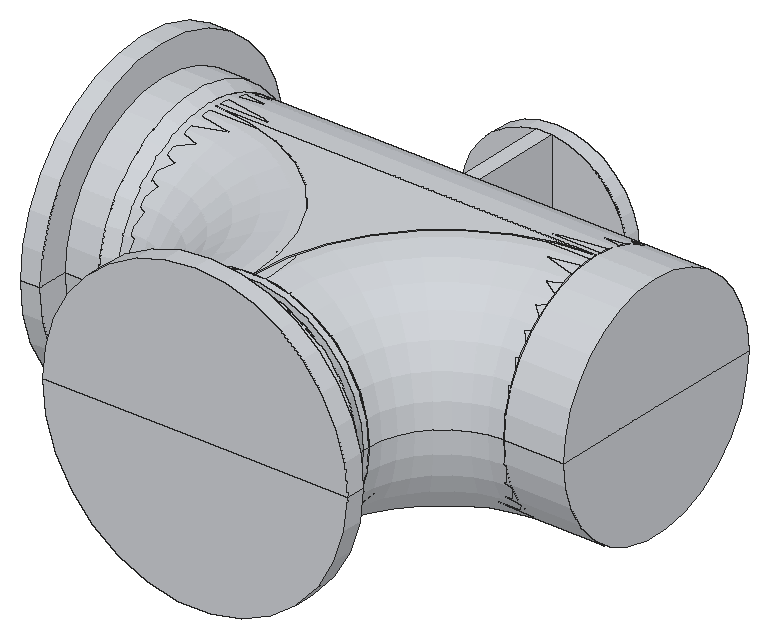
Revit family "a8bff5837b844555ab23c85b39cc0f0f", category Pipe Fittings, Revit 2021
Family settings
  Round Connector Dimension = Use Radius
  Part Type = Tee
  OmniClass Number = 23.60.30.11.14
  OmniClass Title = Pipework Fittings
  Seek Item ID = Tee - PVC - Sch 40-0000-USA-ENU
  Work Plane-Based = No
  Always vertical = Yes
  Cut with Voids When Loaded = No
  Shared = No
Parameters (values of type "Standard")
  Tick Size [instance] = Fitting Outside Diameter * 0.4  # 6.1200"
  Socket Outside Radius [instance] = Socket Outside Diameter / 2  # 8.0950"
  Socket Outside Diameter [instance] = size_lookup(Lookup Table Name, "SOD", 1.08 * Nominal Diameter + 1.1300", Nominal Diameter)  # 16.1900"
  Socket Depth [instance] = if(Nominal Diameter < 14.0000", 2.5000", if(Nominal Diameter < 30.0000", 3.5000", 4.0000"))  # 3.5000"
  Round Base Radius [instance] = Round Base Diameter / 2  # 5.5000"
  Round Base Diameter [instance] = size_lookup(Lookup Table Name, "RBD", 0.43 * Nominal Diameter + 4.7200", Nominal Diameter)  # 11.0000"
  Rib Thickness [instance] = size_lookup(Lookup Table Name, "RThk", 0.03 * Nominal Diameter + 0.4900", Nominal Diameter)  # 1.0000"
  Lookup Table Name = "Base Tee - MJ x PE - GI - Class 150"
  Length 1 [instance] = if(Fitting Outside Radius > Round Base Radius, Round Base Radius, Fitting Outside Radius)  # 5.5000"
  Fitting Outside Radius [instance] = Fitting Outside Diameter / 2  # 7.6500"
  Fitting Outside Diameter [instance] = size_lookup(Lookup Table Name, "FOD", 1.04 * Nominal Diameter + 0.7000", Nominal Diameter)  # 15.3000"
  Nominal Radius [instance] = 7.0000"
  Nominal Diameter [instance] = Nominal Radius * 2  # 14.0000"
  Loss Method = K Coefficient from Table
  K Coefficient Table = "Tee"
  Default Elevation = 0.0000"
  Bevel Length [instance] = size_lookup(Lookup Table Name, "BvLgt", 0.04 * Nominal Diameter + 0.4300", Nominal Diameter)  # 0.8900"
  Center to Socket Bottom 2 Label [instance] = if(Center Radius > Center to Socket Bottom 2, Center Radius + 7.0000", Center to Socket Bottom 2)  # 16.6200"
  Center to Socket Bottom 2 [instance] = size_lookup(Lookup Table Name, "CtSB2", 8.2600" + 0.6 * Nominal Diameter, Nominal Diameter)  # 16.6200"
  Center to Socket Bottom 1 [instance] = size_lookup(Lookup Table Name, "CtSB1", 3.4700" + 0.73 * Nominal Diameter, Nominal Diameter)  # 14.0000"
  Center to Face [instance] = size_lookup(Lookup Table Name, "CtF", 0.65 * Nominal Diameter + 3.1200", Nominal Diameter)  # 12.5000"
  Center Radius Label [instance] = if(Center to Socket Bottom 1 - Center Radius - Bevel Length < 0.5000", Center to Socket Bottom 1 - Bevel Length - 0.5000", Center Radius)  # 12.6100"
  Center Radius [instance] = size_lookup(Lookup Table Name, "CRad", 2.9800" + 0.7 * Nominal Diameter, Nominal Diameter)  # 13.1100"
  Base Thickness [instance] = size_lookup(Lookup Table Name, "BThk", 0.03 * Nominal Diameter + 0.4900", Nominal Diameter)  # 1.0000"
  Gland Width [instance] = size_lookup(Lookup Table Name, "GWid", 0.03 * Nominal Diameter + 0.9400", Nominal Diameter)  # 1.3100"
  Gland Outside Radius [instance] = Gland Outside Diameter / 2  # 10.1250"
  Gland Outside Diameter [instance] = size_lookup(Lookup Table Name, "GOD", 1.16 * Nominal Diameter + 4.0300", Nominal Diameter)  # 20.2500"
  Angle [instance] = 90.00°  # constant formula
Reference planes (in)
  plane 1 "Center (Front/Back)": y = 0
  plane 2: z = 0
  plane 3 "Center (Left/Right)": x = 0
  plane 4: y = -14
  plane 5: y = 10.125
  plane 6: y = 8.095
  plane 7: y = 7.65
  plane 8: x = -17.5
  plane 9: x = -16.19
  plane 10: x = -13.11
  plane 11: x = -14
  plane 12: x = 16.62
  plane 13: x = -7.65
  plane 14: x = -8.095
  plane 15: x = -10.125
  plane 16: y = -13.11
  plane 17: y = -17.5
  plane 18: y = -16.19
  plane 19: y = -12.61
  plane 20: x = -12.61
  plane 21: x = 12.61
  plane 22: z = 7.65
  plane 23: z = -7.65
  plane 24: y = 6.12
  plane 25: y = -6.12
  plane 26: x = -6.12
  plane 27: x = 6.12
  plane 28: y = 12.5
  plane 29: y = 11.5
  plane 30: x = -0.5
  plane 31: x = 0.5
  plane 32: z = 0.5
  plane 33: z = -0.5
Forms (in)
  Revolve 1, solid, detail levels fine
    sketch origin (0, 0, 0) x (1, 0, 0) y (0, 1, 0)
      loop
        line (-17.5, 0) -> (16.62, 0) -> (16.62, 7.65) -> (-13.11, 7.65) -> (-14, 8.095) -> (-16.19, 8.095) -> (-16.19, 10.125) -> (-17.5, 10.125) -> (-17.5, 0)
      axis (-17.5, 0) -> (16.62, 0)
    angle from 0 to 360
  Sweep 2, solid, detail levels fine
    path origin (0, 0, 0) x (1, 0, 0) y (0, 1, 0)
      loop
        arc (-12.61, 0) -> (-3.69338, -3.69338) -> (0, -12.61) r 12.61
    profile origin (0, -12.61, 0) x (1, 0, 0) y (0, 0, 1)
      loop
        circle (0, 0) r 7.65
  Sweep 3, solid, detail levels fine
    path origin (0, 0, 0) x (-1, 0, 0) y (0, 1, 0)
      loop
        arc (-12.61, 0) -> (-3.69338, -3.69338) -> (0, -12.61) r 12.61
    profile origin (0, -12.61, 0) x (1, 0, 0) y (0, 0, 1)
      loop
        circle (0, 0) r 7.65
  Revolve 4, solid, detail levels fine
    sketch origin (0, 0, 0) x (1, 0, 0) y (0, 1, 0)
      loop
        line (0, -13.11) -> (-7.65, -13.11) -> (-8.095, -14) -> (-8.095, -16.19) -> (-10.125, -16.19) -> (-10.125, -17.5) -> (0, -17.5) -> (0, -13.11)
      loop
        line (0, 11.5) -> (0, 12.5) -> (-5.5, 12.5) -> (-5.5, 11.5) -> (0, 11.5)
      axis (0, 12.5) -> (0, -17.5)
    angle from 0 to 360
  Extrusion 5, solid, detail levels fine
    sketch origin (0, 0, 0) x (1, 0, 0) y (0, 1, 0)
      loop
        arc (-12.61, 0) -> (-3.69338, -3.69338) -> (0, -12.61) r 12.61
        arc (0, -12.61) -> (3.69338, -3.69338) -> (12.61, 0) r 12.61
        line (12.61, 0) -> (-12.61, 0)
    from -7.65 to 7.65
  Extrusion 6, solid, detail levels fine
    sketch origin (0, 0, 0) x (1, 0, 0) y (0, 1, 0)
      loop
        line (-5.5, 11.5) -> (-5.5, 0) -> (5.5, 0) -> (5.5, 11.5) -> (-5.5, 11.5)
    from -0.5 to 0.5
  Extrusion 7, solid, detail levels fine
    sketch origin (0, 0, 0) x (0, 1, 0) y (0, 0, 1)
      loop
        line (11.5, 5.5) -> (0, 5.5) -> (0, -5.5) -> (11.5, -5.5) -> (11.5, 5.5)
    from -0.5 to 0.5
  Extrusion 8, solid, detail levels fine
    sketch origin (0, 0, 0) x (1, 0, 0) y (0, 0, 1)
      loop
        circle (0, 0) r 7.65
    from 12.61 to 14
Cuts and joins
  joined: Revolve 1, Revolve 4, Extrusion 6, Extrusion 7, Extrusion 8
Lines and regions (in)
  model lines, detail levels coarse+medium
    curve 1: line (-17.5, 6.12, 0) -> (-17.5, -6.12, 0)
    curve 2: line (16.62, 6.12, 0) -> (16.62, -6.12, 0)
    curve 3: line (-6.12, -17.5, 0) -> (6.12, -17.5, 0)
    curve 6: line (-0.5, 0, 0) -> (-0.5, 12.5, 0)
    curve 7: line (0.5, 0, 0) -> (0.5, 12.5, 0)
  model lines, style "PipeFitting", detail levels coarse+medium
    curve 4: line (-17.5, 0, 0) -> (16.62, 0, 0)
    curve 5: line (0, 0, 0) -> (0, -17.5, 0)
Dimensions and locks (in)
  "Center to Socket Bottom 1": plane 4 to plane 1 "Center (Front/Back)"
  "Fitting Outside Radius": plane 7 to plane 1 "Center (Front/Back)"
  "Socket Outside Radius": plane 6 to plane 1 "Center (Front/Back)"
  "Gland Outside Radius": plane 5 to plane 1 "Center (Front/Back)"
  "Gland Width": plane 8 to plane 9
  "Socket Depth": plane 8 to plane 11
  "Bevel Length": plane 11 to plane 10
  "Center to Socket Bottom 1": plane 11 to plane 3 "Center (Left/Right)"
  "Fitting Outside Radius": plane 13 to plane 3 "Center (Left/Right)"
  "Socket Outside Radius": plane 14 to plane 3 "Center (Left/Right)"
  "Gland Outside Radius": plane 15 to plane 3 "Center (Left/Right)"
  "Bevel Length": plane 16 to plane 4
  "Gland Width": plane 18 to plane 17
  "Socket Depth": plane 4 to plane 17
  "Center Radius Label": plane 1 "Center (Front/Back)" to plane 19
  "Center Radius Label": plane 20 to plane 3 "Center (Left/Right)"
  "Center Radius Label": plane 3 "Center (Left/Right)" to plane 21
  "Fitting Outside Radius": plane 22 to plane 2
  "Fitting Outside Radius": plane 23 to level
  "Tick Size": plane 1 "Center (Front/Back)" to plane 25
  "Tick Size": plane 24 to plane 1 "Center (Front/Back)"
  "Tick Size": plane 3 "Center (Left/Right)" to plane 27
  "Tick Size": plane 26 to plane 3 "Center (Left/Right)"
  "Center to Socket Bottom 2 Label": plane 3 "Center (Left/Right)" to plane 12
  "Base Thickness": plane 28 to plane 29
  "Center to Face": plane 28 to plane 1 "Center (Front/Back)"
  "Round Base Radius": Revolve 4 sketch curve to Revolve 4 sketch curve
  "Round Base Radius": plane 3 "Center (Left/Right)" to Extrusion 6 sketch curve
  "Round Base Radius": Extrusion 6 sketch curve to plane 3 "Center (Left/Right)"
  "Length 1": plane 3 "Center (Left/Right)" to Extrusion 6 sketch curve
  "Length 1": Extrusion 6 sketch curve to plane 3 "Center (Left/Right)"
  equal spacing: plane 30, plane 3 "Center (Left/Right)", plane 31
  "Rib Thickness": plane 30 to plane 31
  equal spacing: plane 33, plane 2, plane 32
  "Rib Thickness": plane 32 to plane 33
  "Round Base Radius": Extrusion 7 sketch curve to plane 2
  "Round Base Radius": plane 2 to Extrusion 7 sketch curve
  "Length 1": Extrusion 7 sketch curve to plane 2
  "Length 1": plane 2 to Extrusion 7 sketch curve
  "Center Radius Label": radius of Sweep 2 sketch curve
  "Fitting Outside Radius": radius of Sweep 2 sketch curve
  "Center Radius Label": radius of Sweep 3 sketch curve
  "Fitting Outside Radius": radius of Sweep 3 sketch curve
  "Center Radius Label": radius of Extrusion 5 sketch curve  (x2)
  "Fitting Outside Radius": radius of Extrusion 8 sketch curve
  aligned and locked: plane 1 "Center (Front/Back)" to Revolve 1 sketch curve
  aligned and locked: plane 8 to Revolve 1 sketch curve
  aligned and locked: Revolve 1 sketch curve to plane 5
  aligned and locked: Revolve 1 sketch curve to plane 7
  aligned and locked: Revolve 1 sketch curve to plane 6
  aligned and locked: plane 12 to Revolve 1 sketch curve
  aligned and locked: Revolve 1 sketch curve to plane 9
  aligned and locked: Revolve 1 sketch curve to Revolve 1 sketch curve
  aligned and locked: plane 11 to Revolve 1 sketch curve
  aligned and locked: plane 10 to Revolve 1 sketch curve
  aligned and locked: plane 19 to Sweep 2 sketch curve
  aligned and locked: plane 20 to Sweep 2 sketch curve
  aligned and locked: Revolve 4 sketch curve to plane 3 "Center (Left/Right)"
  aligned and locked: plane 21 to Sweep 3 sketch curve
  aligned and locked: plane 19 to Sweep 3 sketch curve
  aligned and locked: plane 20 to Extrusion 5 sketch curve  (x2)
  aligned and locked: plane 19 to Extrusion 5 sketch curve  (x3)
  aligned and locked: plane 21 to Extrusion 5 sketch curve  (x3)
  aligned and locked: plane 1 "Center (Front/Back)" to Extrusion 5 sketch curve  (x2)
  aligned and locked: plane 23 to Extrusion 5
  aligned and locked: plane 22 to Extrusion 5
  aligned and locked: plane 27 to curve 3
  aligned and locked: plane 26 to curve 3
  aligned and locked: curve 3 to plane 17
  aligned and locked: plane 25 to curve 2
  aligned and locked: plane 24 to curve 2
  aligned and locked: plane 12 to curve 2
  aligned and locked: plane 25 to curve 1
  aligned and locked: plane 24 to curve 1
  aligned and locked: curve 1 to plane 8
  aligned and locked: curve 5 to plane 3 "Center (Left/Right)"
  aligned and locked: plane 8 to curve 4
  aligned and locked: plane 12 to curve 4
  aligned and locked: plane 17 to curve 5
  aligned and locked: plane 1 "Center (Front/Back)" to curve 5
  aligned and locked: plane 16 to Revolve 4 sketch curve
  aligned and locked: plane 13 to Revolve 4 sketch curve
  aligned and locked: plane 4 to Revolve 4 sketch curve
  aligned and locked: Revolve 4 sketch curve to plane 14
  aligned and locked: Revolve 4 sketch curve to plane 15
  aligned and locked: plane 18 to Revolve 4 sketch curve
  aligned and locked: Revolve 4 sketch curve to plane 17
  aligned and locked: plane 3 "Center (Left/Right)" to Revolve 4 sketch curve
  aligned and locked: Revolve 4 sketch curve to Revolve 4 sketch curve
  aligned and locked: Revolve 4 sketch curve to plane 29
  aligned and locked: plane 28 to Revolve 4 sketch curve
  aligned and locked: Extrusion 6 sketch curve to plane 29
  aligned and locked: Extrusion 6 sketch curve to plane 1 "Center (Front/Back)"
  aligned and locked: plane 33 to Extrusion 6
  aligned and locked: plane 32 to Extrusion 6
  aligned and locked: Extrusion 7 sketch curve to plane 29
  aligned and locked: Extrusion 7 sketch curve to plane 1 "Center (Front/Back)"
  aligned and locked: Extrusion 7 to plane 30
  aligned and locked: Extrusion 7 to plane 31
  aligned and locked: plane 28 to curve 6
  aligned and locked: plane 1 "Center (Front/Back)" to curve 6
  aligned and locked: plane 28 to curve 7
  aligned and locked: curve 7 to plane 31
  aligned and locked: plane 30 to curve 6
  aligned and locked: plane 3 "Center (Left/Right)" to Extrusion 8 sketch curve
  aligned and locked: plane 2 to Extrusion 8 sketch curve
  aligned and locked: plane 19 to Extrusion 8
  aligned and locked: Extrusion 8 to plane 4
Automatic sketch dimensions
  Revolve 1 sketch curve to plane 8 = 1.01143"
  Revolve 1 sketch curve to plane 12 = 1.76143"
  Sweep 2 sketch curve to level = 0.0000"
  profile plane to Sweep 2 sketch curve = 0.0000"
  Sweep 3 sketch curve to level = 0.0000"
  profile plane to Sweep 3 sketch curve = 0.0000"
  Extrusion 5 sketch curve to plane 20 = 0.0000"
  Revolve 4 sketch curve to plane 17 = 5.5000"
  plane 19 to Revolve 4 sketch curve = 1.6000"
Connectors (in)
  piping at (-17.5, 0, 0), diameter 14, driven by "Nominal Radius"
    settings: on Revolve 1, index 1, connector inside diameter 14.0000", connector length 0.0000", flow factor 0, pipe flow 0 GPM, pressure drop 0.00 psi, fitting loss kfactor 0, connector angle 0.00°, fixture units 0, engagement length 0.0000", angle of deflection 0.00°, flow configuration 0, flow direction 0, fitting loss method 0, system type 28, joint type 0, gender type 0, connector reference index 2, connector utility 0, adjustable connector no, is connector primary yes, connector description ""
  piping at (16.62, 0, 0), diameter 14, driven by "Nominal Radius"
    settings: on cut or joined group of Revolve 1, Revolve 4, Extrusion 6, Extrusion 7, Extrusion 8, index 2, connector inside diameter 14.0000", connector length 0.0000", flow factor 0, pipe flow 0 GPM, pressure drop 0.00 psi, fitting loss kfactor 0, connector angle 0.00°, fixture units 0, engagement length 0.0000", angle of deflection 0.00°, flow configuration 0, flow direction 0, fitting loss method 0, system type 28, joint type 0, gender type 0, connector reference index 1, connector utility 0, adjustable connector no, is connector primary no, connector description ""
  piping at (0, -17.5, 0), diameter 14, driven by "Nominal Radius"
    settings: on cut or joined group of Revolve 1, Revolve 4, Extrusion 6, Extrusion 7, Extrusion 8, index 3, connector inside diameter 14.0000", connector length 0.0000", flow factor 0, pipe flow 0 GPM, pressure drop 0.00 psi, fitting loss kfactor 0, connector angle 0.00°, fixture units 0, engagement length 0.0000", angle of deflection 0.00°, flow configuration 0, flow direction 0, fitting loss method 0, system type 28, joint type 0, gender type 0, connector reference index -1, connector utility 0, adjustable connector no, is connector primary no, connector description ""
